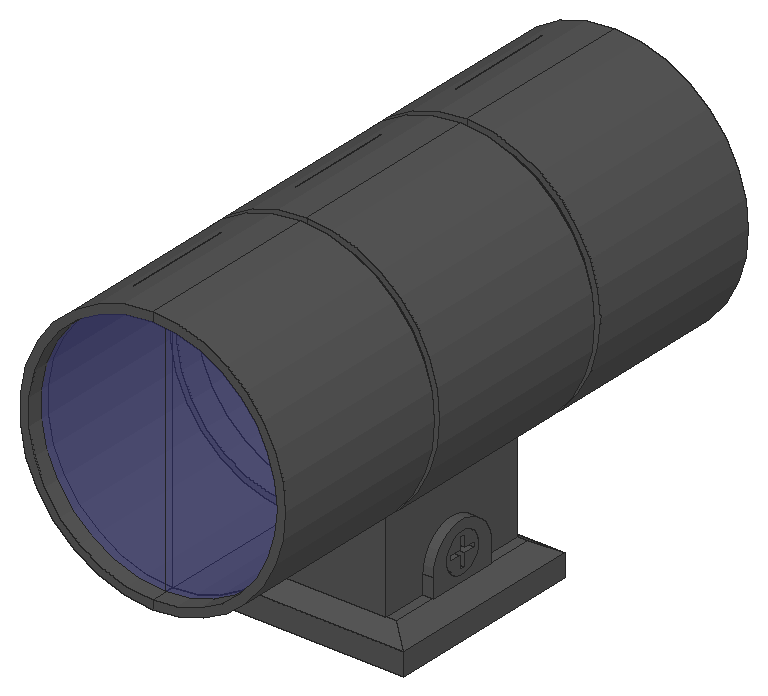
Revit family "CARLO CYLINDER LIGHT WALL MOUNT", category Lighting Fixtures, host Face, Revit 2020 (continued)
Types (10): name | Wattage_Input | Wattage Comments | Wattage | Photometric Web File | built-in parameter 1150142 | Model | built-in parameter 1150105 | Lumens | Light Length 1 | LIGHT RADIUS | LIGHT PLACEMENT | LIGHT LENGTH | LIGHT DIA | built-in parameter 1150106 | FIXED END HEIGHT | Curve base Height | Base Curve | BEAMING ANGLE | Apparent Load
    8 2.5458 2.7022 2.8804 3.0874 3.3258 3.6 3.9118 4.2635 \r\n 4.6585 5.1009 5.5919 6.1326 6.7269 7.3862 8.0893 8.8114 9.5746 10.402 \r\n 11.266 12.138 13.036 13.953 14.934 16.023 17.204 18.448 19.836 21.353 \r\n 23.266 26.04 29.063 31.782 34.478 37.231 40.101 43.014 46.452 49.51 \r\n 56.279 72.625 92.33 109.25 129.04 157.16 188.02 217.08 246.56 277.74 \r\n 308.87 338.56 367.03 394.59 419.52 440.49 456.56 465.07 469.89 474.07 \r\n 477.42 480.85 484.09 487.13 490.06 493.07 495.93 498.32 500.69 503.45 \r\n 506.42 509.55 512.77 515.95 519.26 522.8 526.68 531.1 535.91 540.89 \r\n 546.5 553.11 560.84 569.76 580.32 592.82 607.7 625.18 646.15 671.41 \r\n 701.47 736.73 778.25 825.35 883.58 962.5 1049.4 1129.5 1218.8 1330.6 \r\n 1458.3 1599.9 1755.4 1925 2105 2292.4 2485.4 2681.5 2880 3079.6 \r\n 3279.4 3478.6 3674.6 3865.6 4048.4 4217.9 4377.3 4528.5 4669.9 4800.8 \r\n 4921.1 5031.2 5128.5 5209.9 5277.3 5330.2 5372.2 5407.6 5433.9 5449.8 \r\n 5509.6 \r\n5444.5 5387.8 5336.8 5278.6 5207.2 5115.6 5008.6 4888.9 4756 4610.7 \r\n 4451.1 4273.8 4083.8 3884.2 3677.1 3464.2 3250.2 3042 2835.6 2629.1 \r\n 2423.3 2214.7 2013.6 1828.9 1661.5 1517.3 1389.9 1275.1 1172.4 1079.2 \r\n 996.46 924.45 862.17 809.09 764.13 726.38 694.78 668.23 645.83 626.31 \r\n 609.59 595.18 583.06 573.23 565.12 558.24 552.33 546.92 542.17 538.22 \r\n 534.62 530.93 527.32 523.75 520.38 517.46 514.63 511.56 508.37 505.04 \r\n 501.64 498.23 494.94 492.05 489.3 486.55 483.8 481.12 478.19 474.66 \r\n 470.71 466.69 461.75 456.09 446.93 430.72 410.02 386.12 359.28 329.76 \r\n 298.82 267.85 236.75 205.71 175.22 145.42 117.56 92.508 71.428 56.087 \r\n 45.51 40.366 37.489 33.376 29.702 27.096 25.185 23.937 22.957 21.761 \r\n 20.571 19.464 18.393 17.34 16.299 15.252 14.223 13.229 12.271 11.358 \r\n 10.477 9.6091 8.7791 8.0044 7.287 6.6356 6.0483 5.5308 5.0697 4.6496 \r\n 4.2824 3.9824 3.7264 3.4963 3.2903 3.0998 2.9266 2.7695 2.6288 2.5062 \r\n 2.3962 2.2944 2.1986 2.1028 2.0138 1.9396 1.8701 1.7956 1.7242 1.663 \r\n 1.6051 1.5453 1.4855 1.4254 1.3662 1.3095 1.2542 1.1991 1.1459 1.0973 \r\n 1.0495 0.99873 0.94807 0.89907 0.85278 0.81181 0.773 0.7331 0.69498 0.66186 \r\n 0.62943 0.59317 0.55705 0.52488 0.4927 0.45717 0.42105 0.38738 0.35206 0.31019 \r\n 0.26713 0.22783 0.18858 0.14496 0.10409 0.073494 0.04752 0.020225 0 0 \r\n 0 0 0.00015856 0.0022962 0.016821 0.064157 0.11608 0.14697 0.16945 0.18554 \r\n 0.20145 0.22601 0.25337 0.28022 0.30766 0.33606 0.36423 0.39029 0.41665 0.44594 \r\n 0.47568 0.50798 0.54228 0.5792 0.61736 0.65491 0.69392 0.73636 0.78067 0.82612 \r\n 0.87219 0.91721 0.96393 1.0154 1.0691 1.1244 1.1795 1.231 1.2841 1.3448 \r\n 1.4079 1.4694 1.5324 1.5984 1.6687 1.7441 1.8273 1.9232 2.0258 2.1283 \r\n 2.2387 2.3634 2.5015 2.6511 2.8214 3.0196 3.2489 3.5164 3.8173 4.144 \r\n 4.5122 4.9379 5.4136 5.9352 6.51 7.151 7.8379 8.5483 9.3017 10.12 \r\n 10.974 11.837 12.722 13.62 14.575 15.64 16.784 17.977 19.272 20.589 \r\n 22.305 24.983 27.976 30.768 33.529 36.182 38.949 42.068 45.412 47.442 \r\n 52.63 66.829 84.361 99.657 118.24 145.7 176.23 205.16 234.62 265.66 \r\n 296.76 326.61 355.58 384.2 410.65 433.75 452.06 462.47 468.68 473.21 \r\n 476.54 480.15 483.57 486.77 489.83 492.9 495.79 498.18 500.56 503.39 \r\n 506.41 509.55 512.76 515.94 519.19 522.52 526.14 530.33 534.87 539.47 \r\n 544.64 550.74 557.89 566.19 576 587.57 601.33 617.49 636.95 660.49 \r\n 688.64 721.96 761.16 805.26 859.83 934.23 1016.2 1091.3 1175.5 1281.9 \r\n 1404.3 1541 1691.4 1855.5 2030.6 2215.1 2406.8 2603.4 2803 3002.6 \r\n 3202.4 3402.3 3599.9 3794.6 3981.8 4155.9 4319.7 4474.5 4619.5 4754.1 \r\n 4878.7 4995 5098.9 5185.6 5257.8 5315.1 5361.2 5400.3 5430.2 5450.1 \r\n 5509.6 \r\n5444.5 5379.3 5324.8 5262.4 5186.8 5091.9 4981.9 4859.2 4723.2 4574.9 \r\n 4412.5 4233.4 4041.6 3838.9 3628.8 3414.4 3199.4 2989.5 2781.9 2576 \r\n 2372 2167.1 1970.3 1789.2 1624.9 1482.5 1358.4 1252.3 1158.1 1068.5 \r\n 986.39 911.33 846.14 795.13 753.3 717.06 686.54 661.04 639.54 620.83 \r\n 604.85 591.17 579.67 570.21 562.36 555.69 549.98 544.88 540.39 536.53 \r\n 532.99 529.45 525.97 522.42 519.02 516.08 513.23 510.19 507.06 503.84 \r\n 500.61 497.44 494.39 491.58 488.91 486.34 483.72 480.89 477.76 474.2 \r\n 470.18 466.14 460.58 452.7 440.88 422.38 399.69 374.35 346.49 316.35 \r\n 285.06 253.78 222.56 191.51 161.69 134.32 108.99 84.766 64.453 51.374 \r\n 43.042 38.881 36.481 32.682 29.162 26.676 24.83 23.611 22.629 21.407 \r\n 20.192 19.104 18.059 17.008 15.966 14.926 13.908 12.933 11.994 11.093 \r\n 10.222 9.3652 8.5473 7.7887 7.0888 6.4532 5.883 5.387 4.9475 4.5464 \r\n 4.1936 3.8978 3.6434 3.4194 3.2208 3.0393 2.8747 2.7238 2.5881 2.4693 \r\n 2.3624 2.2631 2.1699 2.0779 1.9922 1.9186 1.8495 1.7772 1.708 1.6479 \r\n 1.5906 1.5314 1.4722 1.413 1.3547 1.2984 1.2433 1.1884 1.1352 1.0857 \r\n 1.0368 0.98473 0.9333 0.88499 0.83971 0.79938 0.76039 0.71831 0.67756 0.64263 \r\n 0.60892 0.57211 0.53589 0.50395 0.47194 0.43687 0.40109 0.36676 0.33141 0.29224 \r\n 0.25239 0.21473 0.17714 0.13731 0.098637 0.062772 0.032639 0.012195 0 0 \r\n 0 0 0.00012592 0 0.010128 0.050584 0.096887 0.12867 0.15367 0.17024 \r\n 0.18612 0.21061 0.23736 0.2622 0.28787 0.3166 0.34567 0.37233 0.39887 0.42715 \r\n 0.45576 0.48624 0.51863 0.55388 0.59088 0.62809 0.66776 0.71285 0.75962 0.80487 \r\n 0.84993 0.89407 0.94033 0.99294 1.0476 1.101 1.1543 1.2063 1.2603 1.3206 \r\n 1.3834 1.4453 1.509 1.5755 1.6457 1.7197 1.801 1.8952 1.9958 2.095 \r\n 2.2023 2.326 2.4627 2.6082 2.7732 2.9665 3.1894 3.4486 3.7378 4.0456 \r\n 4.3943 4.8056 5.2697 5.7839 6.3486 6.9634 7.627 8.339 9.0959 9.8981 \r\n 10.734 11.589 12.469 13.367 14.315 15.343 16.447 17.627 18.893 20.126 \r\n 21.709 24.158 26.955 29.75 32.553 35.179 37.866 40.852 43.959 45.833 \r\n 50.242 61.739 76.616 91.382 109.94 136.7 166.65 195.75 225.45 256.24 \r\n 287.08 316.99 346.28 375.6 403 427.23 446.93 459.4 467.42 472.37 \r\n 475.69 479.46 483.03 486.46 489.73 492.87 495.81 498.34 500.87 503.83 \r\n 506.95 510.15 513.38 516.59 519.79 522.87 526.17 530.05 534.27 538.53 \r\n 543.32 549.03 555.74 563.59 572.86 583.76 596.68 611.78 629.99 652.18 \r\n 678.77 710.25 747.31 789.23 840.66 909.06 985.18 1057.9 1140.2 1242.9 \r\n 1361.2 1493.9 1640.3 1799.9 1970.9 2152.1 2341.8 2539.1 2740 2940 \r\n 3139.9 3339.9 3538.2 3734.7 3924.5 4102.5 4270.6 4429.2 4577.9 4715.8 \r\n 4844 4965.5 5074.5 5165.5 5241.7 5303.5 5353.8 5395.9 5428.5 5451.5 \r\n 5509.6 \r\n5444.5 5370.9 5313 5246.7 5167.2 5069.3 4956.6 4831.2 4692.5 4541.1 \r\n 4376 4195.6 4002.4 3796.7 3583.7 3367.9 3151.9 2940 2731.1 2525.4 \r\n 2323.2 2122.5 1930.4 1752.7 1591.3 1450.5 1329.2 1231.6 1146 1060.4 \r\n 979.42 901.22 832.71 783 743.55 708.56 679.04 654.41 633.68 615.69 \r\n 600.38 587.4 576.47 567.32 559.65 553.14 547.59 542.77 538.54 534.73 \r\n 531.21 527.83 524.51 521 517.6 514.61 511.73 508.71 505.66 502.57 \r\n 499.53 496.63 493.83 491.11 488.49 486.12 483.63 480.62 477.27 473.68 \r\n 469.58 465.43 459.12 448.84 434.23 413.59 389.13 362.48 333.71 303.14 \r\n 271.65 240.11 208.82 177.84 148.77 123.9 101.19 77.852 58.363 47.644 \r\n 41.535 37.94 35.591 32.05 28.728 26.345 24.543 23.33 22.33 21.081 \r\n 19.846 18.77 17.743 16.691 15.648 14.614 13.608 12.652 11.731 10.842 \r\n 9.9798 9.1328 8.3264 7.5837 6.9008 6.28 5.7256 5.2501 4.8316 4.4501 \r\n 4.112 3.8196 3.5656 3.346 3.1537 2.9809 2.8252 2.6806 2.5496 2.4345 \r\n 2.3304 2.2334 2.1426 2.0546 1.9724 1.8994 1.8305 1.7604 1.6934 1.6341 \r\n 1.5771 1.5183 1.4596 1.4014 1.3441 1.2883 1.2336 1.1794 1.1262 1.0754 \r\n 1.0249 0.97194 0.92023 0.87276 0.82848 0.78866 0.7493 0.70481 0.66124 0.62443 \r\n 0.58944 0.55218 0.51603 0.48465 0.45312 0.41853 0.3831 0.3485 0.31345 0.27676 \r\n 0.23983 0.20405 0.16826 0.13162 0.094573 0.053807 0.01978 0.0052152 0 0 \r\n 0 0 0.000085 0 0.0052719 0.037228 0.076151 0.10892 0.13708 0.15478 \r\n 0.17115 0.19551 0.22145 0.24427 0.26816 0.29712 0.32702 0.35434 0.38118 0.40852 \r\n 0.43607 0.46485 0.4954 0.52882 0.56442 0.60109 0.64122 0.6888 0.73794 0.78306 \r\n 0.82722 0.87048 0.91626 0.97006 1.0256 1.0771 1.1284 1.1812 1.2364 1.2963 \r\n 1.3586 1.4214 1.4861 1.5535 1.624 1.6969 1.7765 1.8691 1.9679 2.0645 \r\n 2.1696 2.2933 2.4296 2.572 2.7327 2.9219 3.1393 3.3897 3.6675 3.9597 \r\n 4.2922 4.6898 5.1426 5.6519 6.2086 6.7973 7.4374 8.1532 8.9154 9.6998 \r\n 10.516 11.364 12.244 13.147 14.092 15.084 16.15 17.331 18.587 19.776 \r\n 21.252 23.435 25.984 28.747 31.574 34.187 36.82 39.647 42.564 44.594 \r\n 48.53 57.296 69.512 84.158 103.08 129.08 158.25 187.37 217.22 247.7 \r\n 278.23 308.14 337.66 367.45 395.54 420.52 441.32 455.87 465.82 471.35 \r\n 474.77 478.71 482.43 486.1 489.59 492.8 495.8 498.5 501.22 504.32 \r\n 507.55 510.8 514.05 517.3 520.47 523.33 526.34 529.92 533.83 537.79 \r\n 542.27 547.64 553.99 561.46 570.28 580.6 592.79 606.93 624.02 644.99 \r\n 670.18 699.99 735.1 775.15 823.59 885.6 955.67 1027 1108.6 1208.3 \r\n 1322.6 1451.1 1593.1 1748.3 1915.2 2093 2280.5 2478.1 2680.2 2880.3 \r\n 3080.4 3280.4 3479.1 3676.7 3868.8 4050.4 4222.7 4385.3 4537.9 4679 \r\n 4810.8 4936.8 5050.7 5145.7 5225.9 5292.4 5347 5392 5427.2 5453 \r\n 5509.6 \r\n5444.5 5363.1 5302.2 5232.3 5149.4 5049.1 4934.2 4806.4 4665.3 4511.2 \r\n 4343.7 4162.4 3968.2 3759.8 3544.1 3327.4 3110.6 2896.9 2686.5 2480.9 \r\n 2280.2 2083.5 1896 1721.5 1562.8 1423.1 1304.1 1213.8 1135.7 1054.1 \r\n 974.51 893.61 822.01 773 735.21 701.19 672.52 648.59 628.48 611.09 \r\n 596.35 583.97 573.55 564.64 557.1 550.68 545.23 540.66 536.65 532.83 \r\n 529.3 526.09 522.94 519.48 516.08 513.05 510.13 507.12 504.13 501.2 \r\n 498.36 495.73 493.17 490.54 487.98 485.78 483.39 480.22 476.63 473.03 \r\n 468.82 464.45 457.29 444.58 427.23 404.68 378.71 350.91 321.38 290.53 \r\n 258.98 227.26 195.95 165.14 136.86 114.34 94.095 71.782 53.254 44.83 \r\n 40.77 37.425 34.834 31.495 28.388 26.089 24.313 23.088 22.058 20.785 \r\n 19.533 18.465 17.449 16.397 15.352 14.324 13.328 12.389 11.486 10.607 \r\n 9.7543 8.9169 8.1217 7.3937 6.7265 6.1194 5.5796 5.1227 4.7233 4.3607 \r\n 4.0373 3.7479 3.4937 3.2772 3.0896 2.925 2.7777 2.6389 2.5123 2.4004 \r\n 2.2988 2.2037 2.1149 2.0308 1.952 1.8795 1.8108 1.7429 1.6782 1.6192 \r\n 1.5623 1.5037 1.4455 1.3882 1.3319 1.2767 1.2225 1.1692 1.1164 1.0639 \r\n 1.0116 0.95824 0.90671 0.86015 0.81677 0.77721 0.7373 0.69062 0.64456 0.60607 \r\n 0.57002 0.53259 0.49679 0.46614 0.43524 0.40118 0.36617 0.33161 0.2971 0.26268 \r\n 0.22842 0.19463 0.16065 0.12641 0.090477 0.046 0.0091515 0 0 0 \r\n 0 0 0.000041 0 0.0019851 0.024637 0.055282 0.089263 0.12117 0.14058 \r\n 0.1579 0.18209 0.20708 0.22802 0.25026 0.2793 0.30985 0.33784 0.36504 0.39161 \r\n 0.41827 0.44587 0.47507 0.50687 0.54113 0.57719 0.61759 0.66727 0.71846 0.76354 \r\n 0.80703 0.84967 0.89511 0.94991 1.0061 1.0558 1.1053 1.159 1.2155 1.2749 \r\n 1.3367 1.4005 1.4665 1.5348 1.6057 1.6778 1.7559 1.8468 1.9437 2.0384 \r\n 2.1421 2.266 2.4022 2.5422 2.6993 2.8848 3.0967 3.3381 3.6047 3.8845 \r\n 4.204 4.5882 5.0292 5.5338 6.0831 6.6477 7.2662 7.9854 8.752 9.518 \r\n 10.314 11.159 12.039 12.949 13.893 14.853 15.887 17.074 18.333 19.506 \r\n 20.897 22.802 25.076 27.771 30.596 33.207 35.807 38.466 41.233 43.618 \r\n 47.311 53.486 63.194 78.026 97.54 122.69 150.89 179.77 209.54 239.66 \r\n 269.9 299.82 329.51 359.61 388.14 413.59 435.27 451.85 463.78 470.05 \r\n 473.76 477.9 481.75 485.66 489.35 492.63 495.69 498.57 501.48 504.73 \r\n 508.07 511.35 514.62 517.91 521.07 523.77 526.53 529.84 533.47 537.19 \r\n 541.44 546.54 552.58 559.72 568.14 577.96 589.51 602.79 618.87 638.73 \r\n 662.61 690.88 724.17 762.51 808.12 863.69 927.84 998.69 1080.5 1177.3 \r\n 1287.6 1411.4 1548.5 1699 1861.9 2036.1 2221.1 2418.7 2621.3 2821.5 \r\n 3021.6 3221.6 3420.7 3619.2 3813 3998 4174.5 4341.4 4498.1 4642.6 \r\n 4777.7 4908 5026.4 5125.5 5209.8 5281 5339.9 5387.9 5425.6 5454.3 \r\n 5509.6 \r\n5444.5 5356.4 5293 5220.2 5134.6 5032.4 4915.9 4786.2 4643.2 4487 \r\n 4317.7 4135.7 3940.8 3730.4 3512.8 3295.5 3078.3 2863.2 2651.7 2445.9 \r\n 2246.3 2053.2 1869.6 1697.8 1540.9 1402 1284.5 1199.6 1127.1 1048.8 \r\n 970.64 887.98 814.18 765.45 728.6 695.27 667.26 643.84 624.18 607.23 \r\n 592.92 581.01 570.99 562.25 554.78 548.4 543.01 538.61 534.74 530.88 \r\n 527.3 524.23 521.24 517.85 514.46 511.38 508.41 505.41 502.48 499.69 \r\n 497.05 494.66 492.31 489.77 487.27 485.22 482.91 479.57 475.79 472.16 \r\n 467.82 463.09 454.99 439.97 420.14 395.96 368.77 340.02 309.88 278.92 \r\n 247.43 215.63 184.39 153.85 126.36 105.79 87.666 66.57 49.224 42.869 \r\n 40.531 37.216 34.225 31.035 28.132 25.893 24.127 22.879 21.813 20.521 \r\n 19.258 18.193 17.184 16.13 15.085 14.063 13.076 12.151 11.262 10.394 \r\n 9.5502 8.7228 7.9382 7.2229 6.569 5.9746 5.4483 5.0069 4.6237 4.2785 \r\n 3.9688 3.6824 3.4281 3.2137 3.0296 2.8719 2.7319 2.5978 2.4749 2.3657 \r\n 2.266 2.1724 2.0853 2.0045 1.9288 1.8568 1.7883 1.7226 1.66 1.601 \r\n 1.5436 1.4852 1.4274 1.3709 1.3155 1.2609 1.2072 1.1551 1.103 1.0489 \r\n 0.99484 0.94149 0.89061 0.84493 0.80226 0.76262 0.72202 0.67378 0.62603 0.58636 \r\n 0.54967 0.51258 0.4775 0.44757 0.41726 0.38383 0.34941 0.31512 0.28129 0.24895 \r\n 0.21712 0.18531 0.15301 0.12021 0.08493 0.038753 0.00096561 0 0 0 \r\n 0 0 0 0 0 0.013358 0.035687 0.07128 0.10745 0.12908 \r\n 0.14773 0.17173 0.19572 0.21506 0.23589 0.26482 0.29576 0.32431 0.3519 0.37798 \r\n 0.40404 0.43158 0.4601 0.49087 0.52413 0.55964 0.60014 0.65131 0.70403 0.74919 \r\n 0.79235 0.83484 0.88027 0.93569 0.99217 1.0404 1.0885 1.1431 1.2006 1.2594 \r\n 1.3207 1.3855 1.4528 1.5219 1.5929 1.6643 1.7411 1.8301 1.9251 2.0184 \r\n 2.1213 2.2452 2.3811 2.5188 2.6725 2.854 3.06 3.2918 3.5476 3.8181 \r\n 4.1276 4.4983 4.9264 5.4243 5.9655 6.5099 7.1103 7.8299 8.5972 9.3455 \r\n 10.124 10.965 11.849 12.764 13.707 14.642 15.652 16.844 18.106 19.284 \r\n 20.61 22.248 24.246 26.837 29.623 32.237 34.823 37.321 39.973 42.796 \r\n 46.402 50.294 57.807 73.025 93.216 117.43 144.42 172.68 202.01 231.77 \r\n 261.81 291.76 321.63 351.89 380.69 406.44 428.84 447.3 461.17 468.39 \r\n 472.61 477.01 480.97 485.09 488.97 492.3 495.4 498.45 501.54 504.92 \r\n 508.35 511.65 514.92 518.26 521.43 524.03 526.63 529.73 533.13 536.7 \r\n 540.79 545.68 551.48 558.32 566.36 575.72 586.67 599.19 614.35 633.16 \r\n 655.81 682.6 714.15 750.83 793.73 843.19 901.88 972.83 1055.3 1149.4 \r\n 1255.5 1373.6 1504.8 1650.4 1809 1979.6 2162.1 2358.8 2561.4 2761.3 \r\n 2961.2 3161.4 3360.9 3560.3 3755.7 3944 4124.5 4295.9 4457 4605 \r\n 4743.5 4877.9 5000.6 5104.1 5192.8 5268.6 5331.8 5382.8 5423.3 5455.1 \r\n 5509.6 \r\n5444.5 5350.5 5285.9 5212.3 5126.1 5023.3 4906.4 4776.4 4633.3 4477.2 \r\n 4307.9 4124.8 3929.1 3719.4 3503 3286.7 3070.7 2856.8 2646.1 2439.8 \r\n 2239.6 2047.1 1864.3 1692.6 1535.7 1397.3 1279.6 1191.4 1115.8 1036.8 \r\n 959.64 880.41 810.06 761.96 724.96 691.9 664.16 640.98 621.51 604.58 \r\n 590.27 578.44 568.49 559.81 552.39 546.06 540.68 536.15 532.12 528.12 \r\n 524.46 521.41 518.49 515.19 511.87 508.75 505.73 502.7 499.79 497.11 \r\n 494.59 492.23 489.92 487.52 485.14 483.07 480.7 477.32 473.46 469.77 \r\n 465.13 459.59 450.39 434 412.86 387.88 360.16 330.99 300.66 269.86 \r\n 238.69 207.19 176.34 146.5 119.67 99.136 81.442 62.54 47.499 42.093 \r\n 40.151 36.951 33.918 30.771 27.903 25.675 23.909 22.656 21.584 20.289 \r\n 19.027 17.969 16.968 15.917 14.874 13.858 12.878 11.953 11.068 10.212 \r\n 9.3836 8.5707 7.7982 7.0869 6.437 5.8563 5.344 4.9086 4.5307 4.1965 \r\n 3.8975 3.6172 3.3666 3.1544 2.9717 2.8158 2.6773 2.5443 2.4221 2.3134 \r\n 2.2141 2.1212 2.0349 1.955 1.8802 1.8091 1.7419 1.6786 1.6178 1.5579 \r\n 1.4991 1.4406 1.3831 1.3267 1.2715 1.2173 1.1645 1.1139 1.0632 1.0087 \r\n 0.95433 0.90238 0.85307 0.80812 0.76542 0.72401 0.68221 0.63626 0.59152 0.55317 \r\n 0.51792 0.4842 0.45201 0.42172 0.3907 0.35826 0.32505 0.29098 0.25766 0.22747 \r\n 0.19802 0.16787 0.13651 0.10221 0.067206 0.029272 0 0 0 0 \r\n 0 0 0 0 0 0.0068802 0.024014 0.063672 0.10604 0.13109 \r\n 0.15175 0.17559 0.19856 0.21714 0.23722 0.26545 0.29594 0.32475 0.35328 0.38138 \r\n 0.40982 0.43921 0.46997 0.50275 0.53752 0.57337 0.61357 0.66386 0.71592 0.76166 \r\n 0.80611 0.85094 0.89811 0.95226 1.007 1.0554 1.1041 1.1585 1.2155 1.2733 \r\n 1.3337 1.3989 1.4665 1.5345 1.6041 1.6741 1.7491 1.8347 1.9264 2.0191 \r\n 2.121 2.2414 2.3725 2.5056 2.6532 2.8254 3.0206 3.2398 3.4844 3.7512 \r\n 4.0551 4.4087 4.8153 5.2889 5.8103 6.354 6.9533 7.6512 8.3941 9.1278 \r\n 9.8974 10.742 11.626 12.524 13.451 14.399 15.414 16.563 17.775 18.947 \r\n 2
